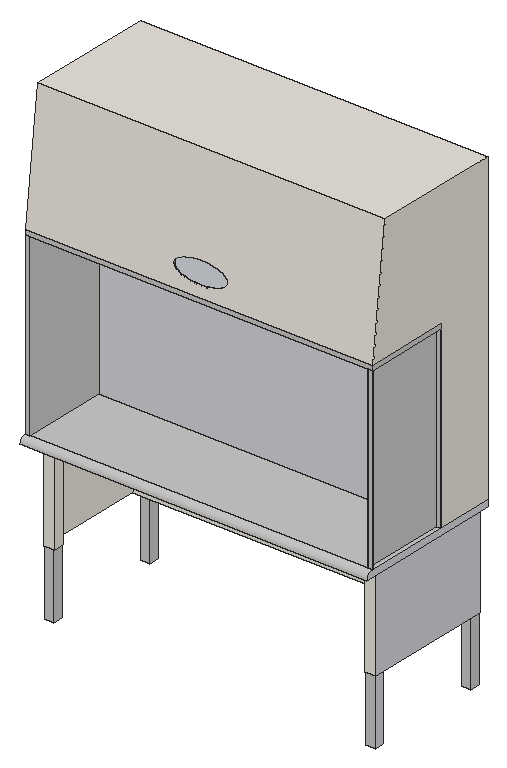
Revit family "NU-240_Horizontal_Airflow _ Workstation", category Mechanical Equipment, Revit 2018
Family settings
  Round Connector Dimension = Use Diameter
  Part Type = Normal
  OmniClass Number = 23.75.00.00
  OmniClass Title = Climate Control (HVAC)
  Work Plane-Based = No
  Always vertical = Yes
  Cut with Voids When Loaded = No
  Shared = No
  Room Calculation Point = No
Parameters (values of type "NU-240-636")
  Workzone_Height = 3' - 2"
  Width = 6' - 2"
  Model = "NU-240-636"
  Manufacturer = "Nuaire Inc."
  Description = "Horizontal Airflow Benchtop Workstation"
  Depth = 2' - 8"
  Cabinet_Height = 5' - 5 9/16"
Types (8): name | Workzone_Height | Width | Model | Cabinet_Height
  NU-240-430 | 2' - 8" | 4' - 2" | "NU-240-430" | 4' - 11 9/16"
  NU-240-436 | 3' - 2" | 4' - 2" | "NU-240-436" | 5' - 5 9/16"
  NU-240-336 | 3' - 2" | 3' - 2" | "NU-240-336" | 5' - 5 9/16"
  NU-240-330 | 2' - 8" | 3' - 2" | "NU-240-330" | 4' - 11 9/16"
  NU-240-536 | 3' - 2" | 5' - 2" | "NU-240-536" | 5' - 5 9/16"
  NU-240-636 | 3' - 2" | 6' - 2" | "NU-240-636" | 5' - 5 9/16"
  NU-240-530 | 2' - 8" | 5' - 2" | "NU-240-530" | 4' - 11 9/16"
  NU-240-630 | 2' - 8" | 6' - 2" | "NU-240-630" | 4' - 11 9/16"
Reference planes (in)
  plane 1 "Center (Front/Back)": y = 0
  plane 2: z = 0
  plane 3 "Center (Left/Right)": x = 0
  plane 4 "WORKSURFACE": z = 36
  plane 5 "Workzone_Height": z = 74
  plane 6 "workzone thickness": z = 34.625
  plane 7 "Back": y = 16
  plane 8 "Front": y = -16
  plane 9 "Left Side": x = -37
  plane 10 "Right Side": x = 37
  plane 11: z = 101.5625
  plane 12 "Top Panel": z = 75
  plane 13: through (0, -11.40212, 89.76106) normal (0, 0.9925, -0.1219)
  plane 14 "BASE END FRAME": z = 13.875
  plane 15: y = 11.75
  plane 16: through (0, -13.69322, 76.08002) normal (0, 0.9925, -0.1219)
Forms (in)
  Extrusion 1, solid
    sketch origin (0, 0, 0) x (1, 0, 0) y (0, 1, 0)
      loop
        line (-37, 16) -> (-37, -16) -> (37, -16) -> (37, 16) -> (-37, 16)
    from 34.625 to 36
  Extrusion 2, void
    sketch origin (0, 0, 0) x (0, 1, 0) y (0, 0, 1)
      loop
        arc (-16, 34.625) -> (-15.59727, 35.59727) -> (-14.625, 36) r 1.375
        line (-14.625, 36) -> (-16, 36) -> (-16, 34.625)
    from -37 to 37
  Extrusion 3, solid
    sketch origin (0, 0, 0) x (1, 0, 0) y (0, 1, 0)
      loop
        line (-37, 16) -> (-37, 3.625) -> (37, 3.625) -> (37, 16) -> (-37, 16)
    from 36 to 101.5625
  Extrusion 4, solid
    sketch origin (0, 0, 0) x (1, 0, 0) y (0, 1, 0)
      loop
        line (-37, 3.625) -> (-37, -14.625) -> (37, -14.625) -> (37, 3.625) -> (-37, 3.625)
    from 74 to 75
  Extrusion 5, solid
    sketch origin (0, 0, 0) x (0, 1, 0) y (0, 0, 1)
      loop
        line (3.625, 101.5625) -> (-11.36354, 101.5625) -> (-14.625, 75) -> (3.625, 75) -> (3.625, 101.5625)
    from -37 to 37
  Extrusion 6, solid
    sketch origin (0, 0, 0) x (1, 0, 0) y (0, 1, 0)
      loop
        line (-35.375, 16) -> (-35.375, -11.75) -> (-33.125, -11.75) -> (-33.125, -9.5) -> (-35.25, -9.5) -> (-35.25, 13.75) -> (-33.125, 13.75) -> (-33.125, 16) -> (-35.375, 16)
      loop
        line (35.375, 16) -> (33.125, 16) -> (33.125, 13.75) -> (35.25, 13.75) -> (35.25, -9.5) -> (33.125, -9.5) -> (33.125, -11.75) -> (35.375, -11.75) -> (35.375, 16)
    from 13.875 to 34.625
  Extrusion 7, solid
    sketch origin (0, 0, 0) x (1, 0, 0) y (0, 1, 0)
      loop
        line (-35.25, 15.875) -> (-35.25, 13.875) -> (-33.25, 13.875) -> (-33.25, 15.875) -> (-35.25, 15.875)
      loop
        line (-35.25, -9.625) -> (-35.25, -11.625) -> (-33.25, -11.625) -> (-33.25, -9.625) -> (-35.25, -9.625)
      loop
        line (33.25, -9.625) -> (33.25, -11.625) -> (35.25, -11.625) -> (35.25, -9.625) -> (33.25, -9.625)
      loop
        line (33.25, 15.875) -> (33.25, 13.875) -> (35.25, 13.875) -> (35.25, 15.875) -> (33.25, 15.875)
    from 0 to 13.875
  Extrusion 8, solid
    sketch origin (0, 0, 0) x (1, 0, 0) y (0, 0, 1)
      loop
        line (-35.25, 13.875) -> (35.25, 13.875) -> (35.25, 23.875) -> (-35.25, 23.875) -> (-35.25, 13.875)
    from -13.75 to -11.75
  Extrusion 9, void
    sketch origin (0, -14.625, 75) x (0, -0.121869, -0.992546) y (-1, 0, 0)
      loop
        spline (-4.624, -5.75) -> (-4.04165, -5.55407) -> (-3.499, -4.97965) -> (-3.03301, -4.06586) -> (-2.67544, -2.875) -> (-2.45066, -1.48821) -> (-2.374, 0) -> (-2.45066, 1.48821) -> (-2.67544, 2.875) -> (-3.03301, 4.06586) -> (-3.499, 4.97965) -> (-4.04165, 5.55407) -> (-4.624, 5.75)
        spline (-4.624, 5.75) -> (-5.20634, 5.55407) -> (-5.749, 4.97965) -> (-6.21499, 4.06586) -> (-6.57255, 2.875) -> (-6.79733, 1.48821) -> (-6.874, 0) -> (-6.79733, -1.48821) -> (-6.57255, -2.875) -> (-6.21499, -4.06586) -> (-5.749, -4.97965) -> (-5.20634, -5.55407) -> (-4.624, -5.75)
    from 0 to 0.062
  Extrusion 10, solid
    sketch origin (0, 0, 0) x (1, 0, 0) y (0, 0, 1)
      loop
        circle (34.5, 91.5625) r 0.5
    from -16.24886 to -16
  Extrusion 11, solid
    sketch origin (0, 0, 0) x (1, 0, 0) y (0, 1, 0)
      loop
        line (-37, -14.625) -> (-36, -14.625) -> (-36, 3.625) -> (-37, 3.625) -> (-37, 3.5625) -> (-36.0625, 3.5625) -> (-36.0625, -14.5625) -> (-37, -14.5625) -> (-37, -14.625)
      loop
        line (37, -14.625) -> (37, -14.5625) -> (36.0625, -14.5625) -> (36.0625, 3.5625) -> (37, 3.5625) -> (37, 3.625) -> (36, 3.625) -> (36, -14.625) -> (37, -14.625)
    from 36 to 74
Cuts and joins
  Extrusion 2 cuts Extrusion 1
  Extrusion 9 cuts Extrusion 5
  joined: Extrusion 3, Extrusion 5
Dimensions and locks (in)
  locked: plane 4 "WORKSURFACE" to plane 2 at 36
  "Workzone_Height": plane 5 "Workzone_Height" to plane 4 "WORKSURFACE"
  plane 2 to plane 6 "workzone thickness" to plane 4 "WORKSURFACE" = 2' - 10 5/8", 0' - 1 3/8"
  equal spacing: plane 7 "Back", plane 1 "Center (Front/Back)", plane 8 "Front"
  equal spacing: plane 9 "Left Side", plane 3 "Center (Left/Right)", plane 10 "Right Side"
  "Depth": plane 7 "Back" to plane 8 "Front"
  "Width": plane 9 "Left Side" to plane 10 "Right Side"
  "Cabinet_Height": plane 11 to plane 4 "WORKSURFACE"
  Extrusion 5 sketch curve to Extrusion 3 = 2' - 3.36354"
  Extrusion 5 to plane 13 = 0' - 1.39993"
  plane 5 "Workzone_Height" to plane 12 "Top Panel" to plane 11 = 0' - 1", 2' - 2 9/16"
  locked: Extrusion 6 sketch curve to Extrusion 6 sketch curve at 2.25
  locked: Extrusion 6 sketch curve to Extrusion 3 at 2.25
  locked: Extrusion 3 to Extrusion 6 sketch curve at 27.75
  locked: Extrusion 6 sketch curve to Extrusion 6 sketch curve at 0.125  (x2)
  locked: plane 9 "Left Side" to Extrusion 6 sketch curve at 1.625
  locked: Extrusion 6 sketch curve to Extrusion 3 at 1.625
  equal spacing: Extrusion 6, plane 3 "Center (Left/Right)", Extrusion 6
  Extrusion 7 sketch curve to Extrusion 7 sketch curve to Extrusion 6 = 0' - 2" locked, 1' - 11 3/8"
  Extrusion 7 sketch curve to Extrusion 7 sketch curve to plane 9 "Left Side" = 0' - 2" locked, 0' - 1 3/4"
  Extrusion 6 to Extrusion 7 sketch curve = 0' - 0 1/8"  (x2)
  Extrusion 7 sketch curve to Extrusion 6 = 0' - 0 1/8"
  Extrusion 7 sketch curve to Extrusion 7 sketch curve to plane 8 "Front" = 0' - 2" locked, 0' - 4 3/8"
  locked: Extrusion 6 to Extrusion 7 sketch curve at 0.125
  plane 4 "WORKSURFACE" to Extrusion 8 sketch curve to Extrusion 8 sketch curve = 1' - 0 1/8", 0' - 10" locked
  cut or joined group of Extrusion 3, Extrusion 5, Extrusion 9 to plane 16 = 0' - 0.79322"
  equal spacing: cut or joined group of Extrusion 3, Extrusion 5, Extrusion 9, Extrusion 9 sketch curve, cut or joined group of Extrusion 3, Extrusion 5, Extrusion 9
  locked: Extrusion 10 sketch curve to plane 11 at 10
  locked: Extrusion 3 to Extrusion 10 sketch curve at 2.5
  locked: Extrusion 3 to Extrusion 10 at 0.24886
  angle Extrusion 5 sketch curve to Extrusion 4 = 7.00°
  aligned and locked: level to plane 2
  aligned and locked: Extrusion 1 sketch curve to plane 7 "Back"
  aligned and locked: plane 9 "Left Side" to Extrusion 1 sketch curve
  aligned and locked: plane 8 "Front" to Extrusion 1 sketch curve
  aligned and locked: Extrusion 1 sketch curve to plane 10 "Right Side"
  aligned and locked: plane 4 "WORKSURFACE" to Extrusion 1
  aligned and locked: Extrusion 1 to plane 6 "workzone thickness"
  aligned and locked: Extrusion 2 to plane 9 "Left Side"
  aligned and locked: plane 10 "Right Side" to Extrusion 2
  aligned and locked: Extrusion 3 sketch curve to cut or joined group of Extrusion 1, Extrusion 2  (x2)
  aligned and locked: Extrusion 3 sketch curve to plane 10 "Right Side"
  aligned and locked: plane 11 to Extrusion 3
  aligned and locked: Extrusion 3 to plane 4 "WORKSURFACE"
  aligned and locked: Extrusion 4 sketch curve to Extrusion 3
  aligned and locked: Extrusion 4 sketch curve to cut or joined group of Extrusion 1, Extrusion 2
  aligned and locked: plane 12 "Top Panel" to Extrusion 4
  aligned and locked: Extrusion 4 to plane 5 "Workzone_Height"
  aligned and locked: Extrusion 5 sketch curve to Extrusion 3  (x2)
  aligned and locked: Extrusion 5 sketch curve to Extrusion 4
  aligned and locked: Extrusion 5 to plane 9 "Left Side"
  aligned and locked: plane 10 "Right Side" to Extrusion 5
  aligned and locked: Extrusion 4 to Extrusion 5
  aligned and locked: Extrusion 3 to Extrusion 5
  aligned and locked: plane 11 to Extrusion 5
  aligned and locked: plane 12 "Top Panel" to Extrusion 5
  aligned and locked: plane 5 "Workzone_Height" to Extrusion 4
  aligned and locked: Extrusion 6 sketch curve to Extrusion 6 sketch curve  (x5)
  aligned and locked: Extrusion 3 to Extrusion 6 sketch curve  (x2)
  aligned and locked: plane 6 "workzone thickness" to Extrusion 6
  aligned and locked: Extrusion 6 to plane 14 "BASE END FRAME"
  aligned and locked: Extrusion 7 sketch curve to Extrusion 7 sketch curve  (x7)
  aligned and locked: Extrusion 6 to Extrusion 7 sketch curve
  aligned and locked: Extrusion 7 sketch curve to Extrusion 6
  aligned and locked: Extrusion 7 to Extrusion 6
  aligned and locked: Extrusion 7 to level
  aligned and locked: Extrusion 8 sketch curve to Extrusion 6  (x2)
  aligned and locked: Extrusion 8 to Extrusion 6
  aligned and locked: Extrusion 8 to plane 15
  aligned and locked: Extrusion 10 to plane 7 "Back"
  aligned and locked: plane 5 "Workzone_Height" to Extrusion 11
  aligned and locked: Extrusion 11 to plane 4 "WORKSURFACE"
Automatic sketch dimensions
  Extrusion 2 sketch curve to plane 8 "Front" = 0' - 0"
  Extrusion 2 sketch curve to plane 4 "WORKSURFACE" = 0' - 0"
  Extrusion 2 sketch curve to plane 6 "workzone thickness" = 0' - 0"
  plane 8 "Front" to Extrusion 2 sketch curve = 0' - 1 3/8"
  Extrusion 3 sketch curve to plane 1 "Center (Front/Back)" = 0' - 3 5/8"
  Extrusion 6 sketch curve to Extrusion 6 sketch curve = 0' - 2 1/8"  (x2)
  Extrusion 5 to Extrusion 9 sketch curve = 0' - 4.624"
  Extrusion 9 sketch curve to Extrusion 9 sketch curve = 0' - 5 3/4"
  Extrusion 4 sketch curve to plane 9 "Left Side" = 0' - 0"
  plane 8 "Front" to Extrusion 4 sketch curve = 0' - 1 3/8"
  Extrusion 11 sketch curve to plane 9 "Left Side" = 0' - 0"  (x2)
  Extrusion 11 sketch curve to plane 10 "Right Side" = 0' - 0"  (x2)
  Extrusion 11 sketch curve to Extrusion 11 sketch curve = 0' - 0 15/16"
  Extrusion 11 sketch curve to Extrusion 11 sketch curve = 0' - 0 1/16"  (x6)
  Extrusion 11 sketch curve to plane 10 "Right Side" = 0' - 1"
  plane 8 "Front" to Extrusion 11 sketch curve = 0' - 1 3/8"  (x2)
  Extrusion 11 sketch curve to plane 1 "Center (Front/Back)" = 0' - 3 9/16"  (x2)
  radius of Extrusion 10 sketch curve = 0' - 0 1/2"
Connectors (in)
  electrical at (34.5, 16.24886, 91.5625)
    settings: on Extrusion 10, index 1, voltage 0 V, apparent load 0 VA, apparent load phase1 0 VA, apparent load phase2 0 VA, apparent load phase3 0 VA, power factor 1, load classification "Other", number of poles 1, system type 31, power factor state 1, is connector primary yes, connector utility no, sub classification motor no, connector description ""
